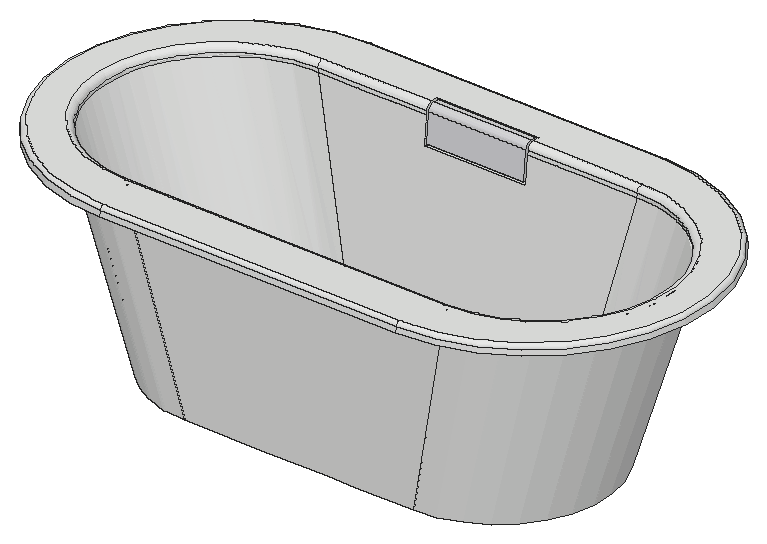
Revit family "Bath-Drop_In-KOHLER-VOLUTE-K-20611T", category Plumbing Fixtures, host Face, Revit 2017
Family settings
  Host = Face
  Round Connector Dimension = Use Diameter
  Part Type = Normal
  OmniClass Number = 23.31.15.00
  OmniClass Title = Bathtubs
  Cut with Voids When Loaded = No
  Shared = No
  Room Calculation Point = No
Parameters (values of type "0- White")
  Width = 31 1/2"  # constant formula
  WaterSense Certified = 1 = 0  # no
  Waste Water Outlet = "Waste Water Outlet"  # constant formula
  Waste Connection = 1 = 1  # yes
  Vent Connection = 1 = 0  # no
  URL = "http://www.kohler.com.cn/"
  Type = 1
  Product Page URL = ""
  Product Name = "VOLUTE"  # constant formula
  Product Documentation Link = ""
  Model = "K-20611T-0"  # constant formula
  Material = "Cast Iron"  # constant formula
  Master Format 2014 Name = "Residential Bathtubs"  # constant formula
  Master Format 2014 = "22 41 19"  # constant formula
  Manufacturer Address = "Kohler Beijing Office (100016)\n36-2-03-B, No. 88, Liuxiang Road, Beijing"  # constant formula
  Manufacturer = "KOHLER Co."  # constant formula
  Length = 58 31/32"  # constant formula
  Hot Water Inlet = "Hot Water Inlet"  # constant formula
  Height = 19 37/128"  # constant formula
  HW Connection = 1 = 0  # no
  Finish = KOHLER-Cast_Iron-0-White
  Environmental Product Declaration = ""
  Drain Included = 1 = 0  # no
  Description = "1.5 M DROP IN BATH"  # constant formula
  Default Elevation = 0"
  Declare Label = ""
  Date Modified = "05/04/2021"  # constant formula
  Date Created = "05/04/2021"  # constant formula
  Copyright = "Copyright KOHLER Co."  # constant formula
  Contact Us = "http://www.kohler.com.cn/contact/contact-us/"
  Cold Water Inlet = "Cold Water Inlet"  # constant formula
  CW Connection = 1 = 0  # no
  Assembly Code = "D2010500"
  ADA Compliant = 1 = 0  # no
Reference planes (in)
  plane 1 "Center (Front/Back)": y = 0
  plane 2: z = 0
  plane 3 "Center (Left/Right)": x = 0
  plane 4: z = 0.87
  plane 5: z = 0.5234
  plane 6: y = 15.75
  plane 7: y = -15.75
  plane 8: x = -29.48425
  plane 9: x = 29.4845
  plane 10: z = -18.41906
Forms (in)
  Extrusion 1, void
    sketch origin (0, 0, 0) x (1, 0, 0) y (0, 1, 0)
      loop
        arc (-13.78204, 14.3563) -> (-28.13834, 0) -> (-13.78204, -14.3563) r 14.3563
        line (-13.78204, -14.3563) -> (13.78204, -14.3563)
        arc (13.78204, -14.3563) -> (28.13834, 0) -> (13.78204, 14.3563) r 14.3563
        line (13.78204, 14.3563) -> (-13.78204, 14.3563)
    from -20.49597 to 0
Dimensions and locks (in)
  "Height": plane 4 to plane 10
  plane 4 to host face = 0.87"
  "Length": plane 8 to plane 9
  "Width": plane 7 to plane 6
  aligned and locked: plane 2 to host face
  aligned and locked: level to host face
Automatic sketch dimensions
  host sketch curve to host sketch curve = 96"  (x2)
  plane 1 "Center (Front/Back)" to Extrusion 1 sketch curve = 0"
  Extrusion 1 sketch curve to plane 3 "Center (Left/Right)" = 13.78204"
  plane 6 to Extrusion 1 sketch curve = 1.3937"
  plane 3 "Center (Left/Right)" to Extrusion 1 sketch curve = 13.78204"
Nested families (in)
  nested 1: "K-20611T" at (0, 0, -18.42), type "K-20611T"
Connectors (in)
  piping at (0.00226, 0, -18.42), diameter 1.25, driven by "Waste Connection", driven by "Waste Water Outlet"
    settings: on nested 1, index 1, connector inside diameter 24", connector length 0", flow factor 0, pipe flow 0 GPM, pressure drop 0.00 psi, fitting loss kfactor 0, connector angle 0.00°, fixture units 0, engagement length 0", angle of deflection 0.00°, flow configuration 0, flow direction 2, fitting loss method 0, system type 16, joint type 0, gender type 0, connector reference index -1, connector utility 1, adjustable connector no, is connector primary yes, connector description "Waste Water Outlet"
Definition of nested family "K-20611T"
  Parameters (values of type "K-20611T")
    Material = none
  Reference planes (in)
    plane 1 "Center (Front/Back)": y = 0
    plane 2: z = 0
    plane 3 "Center (Left/Right)": x = 0
    plane 4: x = 29.48425
    plane 5: x = -29.48425
    plane 6: y = 15.75
    plane 7: y = -15.75
    plane 8: y = 12.09449
    plane 9: y = -12.09449
    plane 10: x = 28.45079
    plane 11: x = -28.45079
    plane 12: z = 19.29
    plane 13: z = 18.42
    plane 14: z = 0
  Forms (in)
    Blend 1, solid, material <- "Material", detail levels medium+fine
      base sketch origin (0, 0, 0) x (1, 0, 0) y (0, 1, 0)
        loop
          arc (10.66145, -9.86372) -> (20.52513, 0) -> (10.66145, 9.86372) r 9.86372
          line (10.66145, 9.86372) -> (-10.65676, 9.86381)
          arc (-10.65676, 9.86381) -> (-20.52061, 0) -> (-10.65676, -9.86381) r 9.86381
          line (-10.65676, -9.86381) -> (10.66145, -9.86372)
      top sketch origin (0, 0, 0) x (1, 0, 0) y (0, 1, 0)
        loop
          line (14.9909, 11.55654) -> (-14.9909, 11.55654)
          arc (-14.9909, 11.55654) -> (-26.54744, 0) -> (-14.9909, -11.55654) r 11.55654
          line (-14.9909, -11.55654) -> (14.9909, -11.55654)
          arc (14.9909, -11.55654) -> (26.54744, 0) -> (14.9909, 11.55654) r 11.55654
      from 0 to 18.42
    Blend 2, void
      base sketch origin (0, 0, 0) x (1, 0, 0) y (0, 1, 0)
        loop
          arc (-10.65676, 9.27326) -> (-19.93006, 0) -> (-10.65676, -9.27326) r 9.27326
          line (-10.65676, -9.27326) -> (10.66145, -9.27317)
          arc (10.66145, -9.27317) -> (19.93458, 0) -> (10.66145, 9.27317) r 9.27317
          line (10.66145, 9.27317) -> (-10.65676, 9.27326)
      top sketch origin (0, 0, 0) x (1, 0, 0) y (0, 1, 0)
        loop
          line (14.9909, 10.96599) -> (-14.9909, 10.96599)
          arc (-14.9909, 10.96599) -> (-25.95689, 0) -> (-14.9909, -10.96599) r 10.96599
          line (-14.9909, -10.96599) -> (14.9909, -10.96599)
          arc (14.9909, -10.96599) -> (25.95689, 0) -> (14.9909, 10.96599) r 10.96599
      from 0.91342 to 18.9694
    Sweep 3, solid, material <- "Material", detail levels medium+fine
      path origin (0, 0, 0) x (1, 0, 0) y (0, 1, 0)
        loop
          arc (-14.86271, 10.91592) -> (-25.77863, 0) -> (-14.86271, -10.91592) r 10.91592
          line (-14.86271, -10.91592) -> (14.86285, -10.91592)
          arc (14.86285, -10.91592) -> (25.77877, 0) -> (14.86285, 10.91592) r 10.91592
          line (14.86285, 10.91592) -> (-14.86271, 10.91592)
      profile origin (0.00007, 10.91592, 0) x (0, 1, 0) y (0, 0, 1)
        loop
          line (2.02558, 19.29) -> (0.61581, 19.29)
          arc (0.61581, 19.29) -> (0.21684, 19.13485) -> (0.02751, 18.75092) r 0.59055
          line (0.02751, 18.75092) -> (-0.00144, 18.42) -> (0.42115, 18.42) -> (0.42115, 18.71661)
          arc (0.42115, 18.71661) -> (0.48427, 18.84458) -> (0.61726, 18.8963) r 0.19685
          line (0.61726, 18.8963) -> (2.02558, 18.8963) -> (2.02558, 19.29)
    Sweep 4, solid, material <- "Material", detail levels medium+fine
      path origin (0, 0, 0) x (1, 0, 0) y (0, 1, 0)
        loop
          arc (-13.78204, 15.75) -> (-29.53204, 0) -> (-13.78204, -15.75) r 15.75
          line (-13.78204, -15.75) -> (13.78204, -15.75)
          arc (13.78204, -15.75) -> (29.53204, 0) -> (13.78204, 15.75) r 15.75
          line (13.78204, 15.75) -> (-13.78204, 15.75)
      profile origin (0, 15.75, 0) x (0, 1, 0) y (0, 0, 1)
        loop
          line (0, 18.42) -> (-0.04467, 18.93061)
          arc (-0.04467, 18.93061) -> (-0.1709, 19.18657) -> (-0.43688, 19.29) r 0.3937
          line (-0.43688, 19.29) -> (-0.75369, 19.29) -> (-0.75369, 18.42) -> (0, 18.42)
    Extrusion 5, solid, material <- "Material", detail levels medium+fine
      sketch origin (0, 0, 0) x (1, 0, 0) y (0, 1, 0)
        loop
          line (13.78204, 14.99631) -> (-13.78204, 14.99631)
          arc (-13.78204, 14.99631) -> (-28.77835, 0) -> (-13.78204, -14.99631) r 14.99631
          line (-13.78204, -14.99631) -> (13.78204, -14.99631)
          arc (13.78204, -14.99631) -> (28.77835, 0) -> (13.78204, 14.99631) r 14.99631
        loop
          line (14.86285, 12.94149) -> (-14.86271, 12.9415)
          arc (-14.86271, 12.9415) -> (-27.80421, 0) -> (-14.86271, -12.9415) r 12.9415
          line (-14.86271, -12.9415) -> (14.86285, -12.94149)
          arc (14.86285, -12.94149) -> (27.80434, 0) -> (14.86285, 12.94149) r 12.94149
      from 18.8963 to 19.29
    Revolve 6, solid, detail levels medium+fine
      sketch origin (0, 0, 0) x (1, 0, 0) y (0, 0, 1)
        loop
          line (0, 0.48067) -> (0, 1.52398)
          arc (0, 1.52398) -> (-0.71293, 1.44437) -> (-1.39406, 1.21927) r 3.45555
          arc (-1.39406, 1.21927) -> (-1.411, 1.20471) -> (-1.41732, 1.18328) r 0.03947
          line (-1.41732, 1.18328) -> (-1.41732, 0.98042) -> (-0.56933, 0.98042) -> (-0.56933, 0.54367) -> (-0.64961, 0.54367) -> (-0.64961, 0.48067) -> (0, 0.48067)
        axis (0, 0.48067) -> (0, 1.52398)
      angle from 0 to 360
    Revolve 7, solid, material <- "Material", detail levels medium+fine
      sketch origin (0, 0, 0) x (1, 0, 0) y (0, 0, 1)
        loop
          line (0.00226, 0) -> (2.45448, 0) -> (2.45448, 0.91342) -> (2.18075, 0.91342)
          arc (2.18075, 0.91342) -> (1.04851, 0.75589) -> (0.00226, 0.29528) r 4.14784
          line (0.00226, 0.29528) -> (0.00226, 0)
        axis (0.00226, 0) -> (0.00226, 0.91342)
      angle from 0 to 360
    Extrusion 8, void
      sketch origin (0, 0, 0) x (1, 0, 0) y (0, 1, 0)
        loop
          circle (0.00226, 0) r 2.45222
      from -0.21881 to 1.18335
    Extrusion 9, solid, material <- "Material", detail levels medium+fine
      sketch origin (0, 0, 0) x (0, 1, 0) y (0, 0, 1)
        loop
          line (12.35613, 16.31336) -> (12.63041, 18.8963) -> (11.34739, 18.8963) -> (11.00585, 15.67994) -> (11.65189, 15.67994)
          arc (11.65189, 15.67994) -> (12.12549, 15.86159) -> (12.35613, 16.31336) r 0.7082
      from -5.11811 to 5.11811
    Extrusion 10, void
      sketch origin (0, 0, 0) x (0, 1, 0) y (0, 0, 1)
        loop
          line (11.83721, 16.3586) -> (12.16322, 19.42861) -> (10.97996, 19.42861) -> (10.60981, 15.94284)
          arc (10.60981, 15.94284) -> (11.07813, 15.92638) -> (11.53989, 16.0063) r 2.27314
          arc (11.53989, 16.0063) -> (11.74258, 16.13685) -> (11.83721, 16.3586) r 0.41112
      from -4.72441 to 4.72441
    Extrusion 11, solid, detail levels medium+fine
      sketch origin (0, -0.29528, 0.12303) x (0, 1, 0) y (0, 0, 1)
        loop
          line (11.00213, 16.0823) -> (11.35692, 16.0823) -> (11.56337, 18.02649)
          arc (11.56337, 18.02649) -> (11.69159, 18.27764) -> (11.95487, 18.37862) r 0.3937
          line (11.95487, 18.37862) -> (12.26163, 18.37862) -> (12.34535, 19.16697) -> (11.82909, 19.16697)
          arc (11.82909, 19.16697) -> (11.43148, 19.01305) -> (11.24112, 18.63154) r 0.59055
          line (11.24112, 18.63154) -> (11.00213, 16.0823)
      from -4.52756 to 4.52756
    Extrusion 12, solid, material <- "Material", detail levels coarse
      sketch origin (0, 0, 0) x (1, 0, 0) y (0, 1, 0)
        loop
          line (14.86285, 11.33707) -> (-14.86271, 11.33707)
          arc (-14.86271, 11.33707) -> (-26.19979, 0) -> (-14.86271, -11.33707) r 11.33707
          line (-14.86271, -11.33707) -> (14.86285, -11.33707)
          arc (14.86285, -11.33707) -> (26.19992, 0) -> (14.86285, 11.33707) r 11.33707
        loop
          line (14.86285, 12.32132) -> (-14.86271, 12.32133)
          arc (-14.86271, 12.32133) -> (-27.18404, 0) -> (-14.86271, -12.32133) r 12.32133
          line (-14.86271, -12.32133) -> (14.86285, -12.32132)
          arc (14.86285, -12.32132) -> (27.18417, 0) -> (14.86285, 12.32132) r 12.32132
      from 0 to 18.42
    Extrusion 13, solid, material <- "Material", detail levels coarse
      sketch origin (0, 0, 0) x (1, 0, 0) y (0, 1, 0)
        loop
          line (14.86285, 11.33707) -> (-14.86271, 11.33707)
          arc (-14.86271, 11.33707) -> (-26.19979, 0) -> (-14.86271, -11.33707) r 11.33707
          line (-14.86271, -11.33707) -> (14.86285, -11.33707)
          arc (14.86285, -11.33707) -> (26.19992, 0) -> (14.86285, 11.33707) r 11.33707
        loop
          arc (-13.78204, 15.75) -> (-29.53204, 0) -> (-13.78204, -15.75) r 15.75
          line (-13.78204, -15.75) -> (13.78204, -15.75)
          arc (13.78204, -15.75) -> (29.53204, 0) -> (13.78204, 15.75) r 15.75
          line (13.78204, 15.75) -> (-13.78204, 15.75)
      from 18.42 to 19.29
    Sweep 14, solid, material <- "Material", detail levels medium+fine
      path origin (0, 0, 0) x (1, 0, 0) y (0, 1, 0)
        loop
          line (10.66145, 9.27317) -> (-10.65676, 9.27326)
          arc (-10.65676, 9.27326) -> (-19.93006, 0) -> (-10.65676, -9.27326) r 9.27326
          line (-10.65676, -9.27326) -> (10.66145, -9.27317)
          arc (10.66145, -9.27317) -> (19.93458, 0) -> (10.66145, 9.27317) r 9.27317
      profile origin (19.93458, 0, 0) x (-1, 0, 0) y (0, 0, 1)
        loop
          arc (1.30546, 0.84978) -> (0.40527, 1.19932) -> (-0.35145, 1.79925) r 3.23143
          line (-0.35145, 1.79925) -> (-0.5483, 1.79925) -> (-0.5483, 1.22122) -> (0.22879, 0.71657) -> (1.30546, 0.71657) -> (1.30546, 0.84978)
    Extrusion 15, solid, material <- "Material", detail levels coarse
      sketch origin (0, 0, 0) x (1, 0, 0) y (0, 1, 0)
        loop
          line (14.86285, 11.33707) -> (-14.86271, 11.33707)
          arc (-14.86271, 11.33707) -> (-26.19979, 0) -> (-14.86271, -11.33707) r 11.33707
          line (-14.86271, -11.33707) -> (14.86285, -11.33707)
          arc (14.86285, -11.33707) -> (26.19992, 0) -> (14.86285, 11.33707) r 11.33707
      from 0 to 0.3937
  Cuts and joins
    Blend 2, Extrusion 8, Extrusion 10 cuts Blend 1
    Extrusion 8, Extrusion 10 cuts Sweep 3
    Extrusion 8 cuts Sweep 4
    Extrusion 8 cuts Extrusion 5
    joined: Blend 1, Sweep 3, Sweep 4, Extrusion 5, Sweep 14
    Extrusion 10 cuts Extrusion 9
    joined: Extrusion 12, Extrusion 13, Extrusion 15
  Lines and regions (in)
    Masking region 1
      outline origin (0, 0, 0) x (1, 0, 0) y (0, 1, 0)
        loop
          arc (-13.78204, 15.75) -> (-29.53204, 0) -> (-13.78204, -15.75) r 15.75
          line (-13.78204, -15.75) -> (13.78204, -15.75)
          arc (13.78204, -15.75) -> (29.53204, 0) -> (13.78204, 15.75) r 15.75
          line (13.78204, 15.75) -> (-13.78204, 15.75)
    Masking region 2
      outline origin (0, 0, 0) x (1, 0, 0) y (0, 0, 1)
        loop
          line (-20.52061, 0) -> (20.52061, 0)
          arc (20.52061, 0) -> (20.86861, 4.70858) -> (21.912, 9.31326) r 31.70467
          arc (21.912, 9.31326) -> (23.43504, 13.12281) -> (25.56644, 16.62845) r 24.75199
          arc (25.56644, 16.62845) -> (26.29352, 17.55264) -> (27.08753, 18.42) r 15.74803
          line (27.08753, 18.42) -> (29.48425, 18.42) -> (29.45682, 18.9434)
          arc (29.45682, 18.9434) -> (29.34334, 19.18956) -> (29.09158, 19.29) r 0.36574
          line (29.09158, 19.29) -> (-29.09158, 19.29)
          arc (-29.09158, 19.29) -> (-29.34334, 19.18956) -> (-29.45682, 18.9434) r 0.36574
          line (-29.45682, 18.9434) -> (-29.48425, 18.42) -> (-27.08753, 18.42)
          arc (-27.08753, 18.42) -> (-26.29352, 17.55264) -> (-25.56644, 16.62845) r 15.74803
          arc (-25.56644, 16.62845) -> (-23.43504, 13.12281) -> (-21.912, 9.31326) r 24.75199
          arc (-21.912, 9.31326) -> (-20.86861, 4.70858) -> (-20.52061, 0) r 31.70467
    Masking region 3
      outline origin (0, 0, 0) x (0, 1, 0) y (0, 0, 1)
        loop
          arc (-15.31312, 19.29) -> (-15.5791, 19.18657) -> (-15.70533, 18.93061) r 0.3937
          line (-15.70533, 18.93061) -> (-15.75, 18.42) -> (-11.81715, 18.42) -> (-9.86372, 0) -> (9.86372, 0) -> (11.50535, 15.47987)
          arc (11.50535, 15.47987) -> (11.57235, 15.61835) -> (11.71218, 15.68251) r 0.22746
          arc (11.71218, 15.68251) -> (12.14749, 15.88225) -> (12.35613, 16.31336) r 0.7082
          line (12.35613, 16.31336) -> (12.57983, 18.42) -> (15.75, 18.42) -> (15.70533, 18.93061)
          arc (15.70533, 18.93061) -> (15.5791, 19.18657) -> (15.31312, 19.29) r 0.3937
          line (15.31312, 19.29) -> (-15.31312, 19.29)
    symbolic lines, detail levels medium+fine
      curve 1: line (13.78204, 15.3563, 0) -> (-13.78204, 15.3563, 0)
      curve 2: arc (-13.78204, 15.3563, 0) -> (-29.13834, 0, 0) -> (-13.78204, -15.3563, 0) r 15.3563
      curve 3: line (-13.78204, -15.3563, 0) -> (13.78204, -15.3563, 0)
      curve 4: arc (13.78204, -15.3563, 0) -> (29.13834, 0, 0) -> (13.78204, 15.3563, 0) r 15.3563
      curve 6: circle (0.00226, 0, 0) r 2.45222 normal (0, 0, 1)
      curve 7: line (10.66145, 9.86372, 0) -> (-10.65676, 9.86381, 0)
      curve 8: arc (-10.65676, 9.86381, 0) -> (-20.52061, 0, 0) -> (-10.65676, -9.86381, 0) r 9.86381
      curve 9: line (-10.65676, -9.86381, 0) -> (10.66145, -9.86372, 0)
      curve 10: arc (10.66145, -9.86372, 0) -> (20.52513, 0, 0) -> (10.66145, 9.86372, 0) r 9.86372
      curve 16: line (4.77709, 12.77171, 0) -> (-4.77709, 12.77171, 0)
      curve 17: line (-4.59563, 12.35807, 0) -> (4.59563, 12.35807, 0)
      curve 18: arc (-5.23602, 11.71768, 0) -> (-5.04845, 12.1705, 0) -> (-4.59563, 12.35807, 0) r 0.64039
      curve 19: line (-5.23602, 11.71768, 0) -> (-5.23602, 11.28218, 0)
      curve 21: line (-5.56449, 11.9843, 0) -> (-5.56449, 11.33707, 0)
      curve 22: arc (-5.56449, 11.9843, 0) -> (-5.33386, 12.54108, 0) -> (-4.77709, 12.77171, 0) r 0.7874
      curve 24: line (5.56449, 11.92762, 0) -> (16.51509, 11.92762, 0)
      curve 25: line (16.51488, -11.92762, 0) -> (-16.52316, -11.92763, 0)
      curve 26: arc (-16.52316, -11.92763, 0) -> (-28.45079, 0, 0) -> (-16.52316, 11.92763, 0) r 11.92763
      curve 27: line (-16.52316, 11.92763, 0) -> (-5.56449, 11.92762, 0)
      curve 28: arc (5.23602, 11.71768, 0) -> (5.04845, 12.1705, 0) -> (4.59563, 12.35807, 0) r 0.64039
      curve 29: line (5.23602, 11.71768, 0) -> (5.23602, 11.28218, 0)
      curve 30: line (5.56449, 11.9843, 0) -> (5.56449, 11.33707, 0)
      curve 32: arc (16.51488, -11.92762, 0) -> (28.45079, -0.00011, 0) -> (16.51509, 11.92762, 0) r 11.92763
      curve 33: line (-5.19637, 11.93949, 0) -> (5.19637, 11.93949, 0)
      curve 34: line (10.66145, 8.87947, 0) -> (-10.65676, 8.87956, 0)
      curve 35: arc (-10.65676, 8.87956, 0) -> (-19.53636, 0, 0) -> (-10.65676, -8.87956, 0) r 8.87956
      curve 36: line (-10.65676, -8.87956, 0) -> (10.66145, -8.87947, 0)
      curve 37: arc (10.66145, -8.87947, 0) -> (19.54088, 0, 0) -> (10.66145, 8.87947, 0) r 8.87947
      curve 38: line (-5.23602, 11.4331, 0) -> (5.23602, 11.4331, 0)
      curve 39: arc (5.56449, 11.9843, 0) -> (5.33386, 12.54108, 0) -> (4.77709, 12.77171, 0) r 0.7874
      curve 40: line (-27.08753, 0, 18.42) -> (27.08753, 0, 18.42)
      curve 41: line (29.45682, 0, 18.9434) -> (-29.45682, 0, 18.9434)
      curve 42: line (0, 15.70533, 18.93061) -> (0, -15.70533, 18.93061)
      curve 43: line (0, -11.81715, 18.42) -> (0, 12.57983, 18.42)
      curve 44: line (0, 12.05424, 16.26675) -> (0, 12.2829, 18.42)
      curve 45: line (0, 11.76613, 15.68922) -> (0, 12.03389, 18.21076)
      curve 46: line (0, 11.50535, 15.47987) -> (0, 11.81756, 18.42)
      curve 47: arc (0, 11.79437, 15.95518) -> (0, 11.97159, 16.07153) -> (0, 12.05424, 16.26675) r 0.36496
      curve 48: arc (0, 12.03389, 18.21076) -> (0, 12.11623, 18.36555) -> (0, 12.2829, 18.42) r 0.23454
      curve 49: line (0, 12.03389, 18.21076) -> (0, 11.79534, 18.21076)
    symbolic lines
      curve 5: circle (0, 0, 0) r 1.41732 normal (0, 0, -1)
      curve 11: arc (-14.86271, -11.33707, 0) -> (-26.19979, 0, 0) -> (-14.86271, 11.33707, 0) r 11.33707
      curve 12: line (-14.86271, 11.33707, 0) -> (-5.56449, 11.33707, 0)
      curve 13: line (5.56449, 11.33707, 0) -> (14.86285, 11.33707, 0)
      curve 14: arc (14.86285, 11.33707, 0) -> (26.19992, 0, 0) -> (14.86285, -11.33707, 0) r 11.33707
      curve 15: line (14.86285, -11.33707, 0) -> (-14.86271, -11.33707, 0)
      curve 20: line (-4.76867, 11.2536, 0) -> (4.76867, 11.2536, 0)
      curve 23: arc (-5.56449, 11.33707, 0) -> (-5.16876, 11.27452, 0) -> (-4.76867, 11.2536, 0) r 3.83504
      curve 31: arc (5.56449, 11.33707, 0) -> (5.16876, 11.27452, 0) -> (4.76867, 11.2536, 0) r 3.83504
  Dimensions and locks (in)
    plane 8 to plane 1 "Center (Front/Back)" = 12.09449"
    plane 3 "Center (Left/Right)" to plane 10 = 28.45079"
    aligned and locked: plane 2 to level
